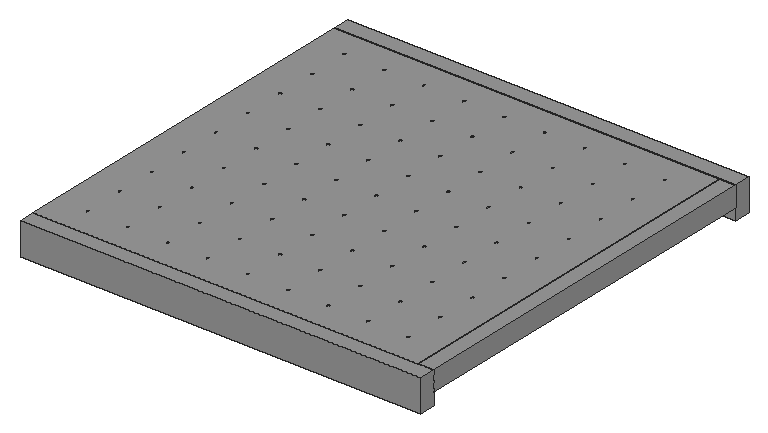
Revit family "砼护底 - 单块", category 常规模型, Revit 2019
Family settings
  可将钢筋附着到主体 = 是
  圆形连接件大小 = 使用直径
  零件类型 = 标准
  基于工作平面 = 否
  总是垂直 = 是
  加载时剪切的空心 = 是
  共享 = 否
  房间计算点 = 否
Parameters
  水平格梗高度 = 800 mm
  水平格梗宽度 [instance] = 400 mm
  砼护底材料 = 素混凝土 C25
  沙石垫层材料 = 沙石垫层
  沙石垫层厚 = 80 mm
  格梗材料 = 素混凝土 C25
  排水孔行数 [instance] = rounddown(单块护底纵向长度 / 排水孔行间距)  # 9
  排水孔列间距 = 1000 mm
  排水孔行间距 = 1000 mm
  排水孔半径 = 25 mm
  排水孔列数 [instance] = rounddown(单块护底水平长度 / 排水孔列间距)  # 9
  护底厚 = 200 mm
  总长度 [instance] = 10000 mm
  总宽度 [instance] = 10200 mm
  型号 = "BOTTOM_PROTECTION"  # constant formula
  单块护底纵向长度 [instance] = 总宽度 - 2 * 水平格梗宽度  # 9400 mm
  单块护底水平长度 [instance] = 总长度 - 纵向格梗宽度  # 9600 mm
  纵向格梗高度 = 500 mm
  纵向格梗宽度 [instance] = 400 mm
  y [instance] = (单块护底纵向长度 - (排水孔行数 - 1) * 排水孔行间距) / 2  # 700 mm
  x [instance] = (单块护底水平长度 - (排水孔列数 - 1) * 排水孔列间距) / 2  # 800 mm
Reference planes
  plane 1 "中心(前/后)": y = 0
  plane 2: z = 0
  plane 3 "中心(左/右)": x = 0
  plane 4: z = -200
  plane 5: z = -280
  plane 6: z = -500
  plane 7: z = -800
  plane 8: y = 5100
  plane 9: y = -5100
  plane 10: y = 4700
  plane 11: y = -4700
  plane 12: x = 10000
  plane 13: x = 9600
  plane 14: y = -4000
  plane 15: x = 800
Forms (mm)
  Extrusion 1, solid, material "素混凝土 C25" <- "砼护底材料"
    sketch origin (0, 0, 0) x (1, 0, 0) y (0, 1, 0)
      loop
        line (0, 4700) -> (0, -4700) -> (9600, -4700) -> (9600, 4700) -> (0, 4700)
    from 0 to -200
  Extrusion 2, solid, material "沙石垫层" <- "沙石垫层材料"
    sketch origin (0, 0, 0) x (1, 0, 0) y (0, 1, 0)
      loop
        line (0, 4700) -> (0, -4700) -> (9600, -4700) -> (9600, 4700) -> (0, 4700)
    from -200 to -280
  Extrusion 3, solid, material "素混凝土 C25" <- "格梗材料"
    sketch origin (0, 0, 0) x (1, 0, 0) y (0, 1, 0)
      loop
        line (0, 5100) -> (0, 4700) -> (10000, 4700) -> (10000, 5100) -> (0, 5100)
      loop
        line (0, -5100) -> (10000, -5100) -> (10000, -4700) -> (0, -4700) -> (0, -5100)
    from 0 to -800
  Extrusion 4, solid, material "素混凝土 C25" <- "格梗材料"
    sketch origin (0, 0, 0) x (1, 0, 0) y (0, 1, 0)
      loop
        line (9600, 4700) -> (9600, -4700) -> (10000, -4700) -> (10000, 4700) -> (9600, 4700)
    from 0 to -500
Dimensions and locks
  "护底厚": level to plane 4
  "沙石垫层厚": plane 4 to plane 5
  "纵向格梗高度": level to plane 6
  "水平格梗高度": level to plane 7
  equal spacing: plane 10, plane 1 "中心(前/后)", plane 11
  "水平格梗宽度": plane 8 to plane 10
  "水平格梗宽度": plane 9 to plane 11
  "纵向格梗宽度": plane 13 to plane 12
  "单块护底纵向长度": plane 10 to plane 11
  "y": plane 14 to plane 11
  "x": plane 3 "中心(左/右)" to plane 15
  "单块护底水平长度": plane 3 "中心(左/右)" to plane 13
  aligned and locked: level to plane 2
  aligned and locked: Extrusion 1 sketch curve to plane 10
  aligned and locked: plane 3 "中心(左/右)" to Extrusion 1 sketch curve
  aligned and locked: plane 11 to Extrusion 1 sketch curve
  aligned and locked: Extrusion 1 sketch curve to plane 13
  aligned and locked: level to Extrusion 1
  aligned and locked: Extrusion 1 to plane 4
  aligned and locked: Extrusion 2 sketch curve to Extrusion 1  (x4)
  aligned and locked: Extrusion 2 to plane 5
  aligned and locked: plane 4 to Extrusion 2
  aligned and locked: Extrusion 3 sketch curve to plane 8
  aligned and locked: plane 3 "中心(左/右)" to Extrusion 3 sketch curve
  aligned and locked: plane 10 to Extrusion 3 sketch curve
  aligned and locked: Extrusion 3 sketch curve to plane 12
  aligned and locked: Extrusion 3 sketch curve to plane 9
  aligned and locked: Extrusion 3 sketch curve to plane 3 "中心(左/右)"
  aligned and locked: plane 11 to Extrusion 3 sketch curve
  aligned and locked: plane 12 to Extrusion 3 sketch curve
  aligned and locked: Extrusion 3 to plane 7
  aligned and locked: Extrusion 3 to level
  aligned and locked: Extrusion 4 sketch curve to Extrusion 1  (x2)
  aligned and locked: Extrusion 4 sketch curve to Extrusion 3  (x2)
  aligned and locked: Extrusion 4 to plane 6
  aligned and locked: Extrusion 4 to level
  aligned and locked: nested 1 to plane 15
  aligned and locked: nested 1 to plane 14
Nested families
  nested 1: "排水孔_阵列" at (800, -4000, 0), 孔半径 <- "排水孔半径", 行间距 <- "排水孔行间距", 列间距 <- "排水孔列间距", 行数 <- "排水孔行数", 列数 <- "排水孔列数", type "排水孔_阵列"
    with 行间距 1000 mm, 行数 9, 孔半径 25 mm, 列间距 1000 mm, 列数 9
Definition of nested family "排水孔_阵列"
  Parameters (values of type "排水孔_阵列")
    Default Elevation = 1000 mm
    行间距 [instance] = 600 mm
    行数 [instance] = 7
    孔半径 [instance] = 50 mm
    列间距 [instance] = 700 mm
    列数 [instance] = 4
  Reference planes
    plane 1 "中心(前/后)": y = 0
    plane 2: z = 0
    plane 3 "中心(左/右)": x = 0
    plane 4: y = 600
    plane 5: x = 700
  Forms (mm)
    Extrusion 1, solid
      sketch origin (0, 0, 0) x (1, 0, 0) y (0, 1, 0)
        loop
          line (-1219.2, 30000) -> (-1219.2, -1219.2) -> (34087.079, -1219.2) -> (34087.079, 30000) -> (-1219.2, 30000)
      from 0 to -304.8
  Dimensions and locks
    "行间距": plane 4 to plane 1 "中心(前/后)"
    "列间距": plane 3 "中心(左/右)" to plane 5
    equal spacing: group 1, group 2, group 3, group 4  (x3)
    aligned and locked: Extrusion 1 to plane 2
    aligned and locked: Extrusion 1 to level
    aligned and locked: plane 3 "中心(左/右)" to nested 1
    aligned and locked: plane 1 "中心(前/后)" to nested 1
    aligned and locked: plane 1 "中心(前/后)" to nested 2
    aligned and locked: plane 5 to nested 2
  Automatic sketch dimensions
    Extrusion 1 sketch curve to Extrusion 1 sketch curve = 35306.279 mm
    Extrusion 1 sketch curve to Extrusion 1 sketch curve = 31219.2 mm
  Nested families
    nested 1: "排水孔_列" at (0, 0, 0), 孔半径 <- "孔半径", 行间距 <- "行间距", 行数 <- "行数", type "排水孔_列"
      with 行间距 600 mm, 行数 7, 孔半径 50 mm
    nested 2: "排水孔_列" at (700, 0, 0), 孔半径 <- "孔半径", 行间距 <- "行间距", 行数 <- "行数", type "排水孔_列"
      with 行间距 600 mm, 行数 7, 孔半径 50 mm
    nested 3: "排水孔_列" at (1400, 0, 0), 孔半径 <- "孔半径", 行间距 <- "行间距", 行数 <- "行数", type "排水孔_列"
      with 行间距 600 mm, 行数 7, 孔半径 50 mm
    nested 4: "排水孔_列" at (2100, 0, 0), 孔半径 <- "孔半径", 行间距 <- "行间距", 行数 <- "行数", type "排水孔_列"
      with 行间距 600 mm, 行数 7, 孔半径 50 mm
  Definition of nested family "排水孔_列"
    Parameters (values of type "排水孔_列")
      Default Elevation = 1219.2 mm
      行间距 [instance] = 700 mm
      孔半径 [instance] = 50 mm
      行数 [instance] = 4
    Reference planes
      plane 1 "中心(前/后)": y = 0
      plane 2: z = 0
      plane 3 "中心(左/右)": x = 0
      plane 4: y = 700
    Forms (mm)
      Extrusion 1, solid
        sketch origin (0, 0, 0) x (1, 0, 0) y (0, 1, 0)
          loop
            line (-1219.2, 30000) -> (-1219.2, -1219.2) -> (34087.079, -1219.2) -> (34087.079, 30000) -> (-1219.2, 30000)
        from 0 to -304.8
    Dimensions and locks
      "行间距": plane 4 to plane 1 "中心(前/后)"
      equal spacing: group 1, group 2, group 3, group 4  (x3)
      aligned and locked: Extrusion 1 to plane 2
      aligned and locked: Extrusion 1 to level
      aligned and locked: plane 3 "中心(左/右)" to nested 1
      aligned and locked: plane 1 "中心(前/后)" to nested 1
      aligned and locked: nested 2 to plane 4
      aligned and locked: plane 3 "中心(左/右)" to nested 2
    Automatic sketch dimensions
      Extrusion 1 sketch curve to Extrusion 1 sketch curve = 35306.279 mm
      Extrusion 1 sketch curve to Extrusion 1 sketch curve = 31219.2 mm
    Nested families
      nested 1: "单_排水孔" at (0, 0, 0), 孔半径 <- "孔半径", type "单_排水孔"
        with 孔半径 50 mm
      nested 2: "单_排水孔" at (0, 700, 0), 孔半径 <- "孔半径", type "单_排水孔"
        with 孔半径 50 mm
      nested 3: "单_排水孔" at (0, 1400, 0), 孔半径 <- "孔半径", type "单_排水孔"
        with 孔半径 50 mm
      nested 4: "单_排水孔" at (0, 2100, 0), 孔半径 <- "孔半径", type "单_排水孔"
        with 孔半径 50 mm
    Definition of nested family "单_排水孔"
      Parameters (values of type "单_排水孔")
        Default Elevation = 1219.2 mm
        孔半径 [instance] = 50 mm
      Reference planes
        plane 1 "中心(前/后)": y = 0
        plane 2: z = 0
        plane 3 "中心(左/右)": x = 0
      Forms (mm)
        Extrusion 1, solid
          sketch origin (0, 0, 0) x (1, 0, 0) y (0, 1, 0)
            loop
              line (-1219.2, 1219.2) -> (-1219.2, -1219.2) -> (1219.2, -1219.2) -> (1219.2, 1219.2) -> (-1219.2, 1219.2)
          from 0 to -304.8
        Extrusion 2, void
          sketch origin (0, 0, 0) x (1, 0, 0) y (0, 1, 0)
            loop
              circle (0, 0) r 50
          from -9999 to 9999
      Dimensions and locks
        "孔半径": radius of Extrusion 2 sketch curve
        aligned and locked: plane 2 to Extrusion 1
        aligned and locked: level to Extrusion 1
      Automatic sketch dimensions
        Extrusion 1 sketch curve to Extrusion 1 sketch curve = 2438.4 mm  (x2)
        plane 1 "中心(前/后)" to Extrusion 2 sketch curve = 0 mm
        Extrusion 2 sketch curve to plane 3 "中心(左/右)" = 0 mm
